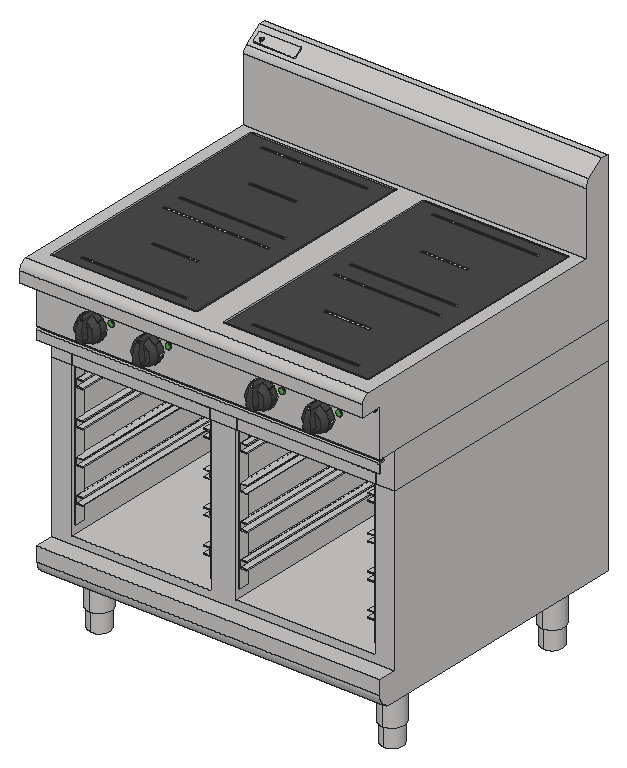
Revit family "QF_Moffat_IN8400R5-CB_Induction Cooktop_cat", category Specialty Equipment, Revit 2019 (continued)
Definition of nested family "QF_LOGO_Waldorf"
  Reference planes
    plane 6 "TOP": z = 26.711
    plane 7 "Center Y": x = 69
    plane 8 "Center X": y = -1.587
  Forms (mm)
    Extrusion 1, solid
      sketch origin (0, 0, 0) x (1, 0, 0) y (0, 0.809017, 0.587785)
        loop
          line (109, 3.464) -> (109, 23.247)
          spline (109, 23.247) -> (108.966, 23.699) -> (108.864, 24.143) -> (108.696, 24.572) -> (108.464, 24.979) -> (108.173, 25.355) -> (107.828, 25.696) -> (107.435, 25.995) -> (107, 26.247) -> (106.531, 26.447) -> (106.035, 26.593) -> (105.522, 26.681) -> (105, 26.711)
          line (105, 26.711) -> (4, 26.711)
          spline (4, 26.711) -> (3.478, 26.681) -> (2.965, 26.593) -> (2.469, 26.447) -> (2, 26.247) -> (1.565, 25.995) -> (1.172, 25.696) -> (0.827, 25.355) -> (0.536, 24.979) -> (0.304, 24.572) -> (0.136, 24.143) -> (0.034, 23.699) -> (0, 23.247)
          line (0, 23.247) -> (0, 3.464)
          spline (0, 3.464) -> (0.034, 3.012) -> (0.136, 2.568) -> (0.304, 2.138) -> (0.536, 1.732) -> (0.827, 1.355) -> (1.172, 1.015) -> (1.565, 0.716) -> (2, 0.464) -> (2.469, 0.264) -> (2.965, 0.118) -> (3.478, 0.03) -> (4, 0)
          line (4, 0) -> (105, 0)
          spline (105, 0) -> (105.522, 0.03) -> (106.035, 0.118) -> (106.531, 0.264) -> (107, 0.464) -> (107.435, 0.716) -> (107.828, 1.015) -> (108.173, 1.355) -> (108.464, 1.732) -> (108.696, 2.138) -> (108.864, 2.568) -> (108.966, 3.012) -> (109, 3.464)
        loop
          line (14.75, 7.005) -> (14.75, 15.654)
          arc (14.75, 15.654) -> (10.425, 11.329) -> (14.75, 7.005) r 4.325
        loop
          line (15.25, 15.654) -> (15.25, 7.005)
          arc (15.25, 7.005) -> (19.575, 11.329) -> (15.25, 15.654) r 4.325
      from 0 to 3.2
    Extrusion 2, solid
      sketch origin (0, 0, 0) x (1, 0, 0) y (0, 0.809017, 0.587785)
        loop
          line (15.25, 15.654) -> (15.25, 7.005)
          arc (15.25, 7.005) -> (19.575, 11.329) -> (15.25, 15.654) r 4.325
      from 0 to 3.2
    Extrusion 3, solid
      sketch origin (16.271, 0, 0) x (-1, 0, 0) y (0, -0.809017, -0.587785)
        loop
          arc (1.521, -15.654) -> (5.846, -11.329) -> (1.521, -7.005) r 4.325
          line (1.521, -7.005) -> (1.521, -15.654)
      from 0 to 3.2
  Lines and regions (mm)
    Split face 1
      outline origin (0, -1.881, 2.589) x (1, 0, 0) y (0, 0.809017, 0.587785)
        loop
          spline (22.129, 16.975) -> (22.389, 15.984) -> (22.649, 15.002) -> (22.91, 14.028) -> (23.172, 13.065) -> (23.433, 12.11) -> (23.695, 11.166) -> (23.956, 10.232) -> (24.218, 9.308) -> (24.479, 8.396) -> (24.74, 7.495) -> (25, 6.605) -> (25.26, 5.728)
          line (25.26, 5.728) -> (29.463, 5.728)
          spline (29.463, 5.728) -> (29.582, 6.252) -> (29.701, 6.78) -> (29.82, 7.313) -> (29.939, 7.85) -> (30.058, 8.391) -> (30.178, 8.936) -> (30.297, 9.485) -> (30.416, 10.038) -> (30.536, 10.594) -> (30.655, 11.155) -> (30.775, 11.719) -> (30.894, 12.287)
          spline (30.894, 12.287) -> (31.018, 11.719) -> (31.142, 11.155) -> (31.266, 10.594) -> (31.39, 10.038) -> (31.514, 9.485) -> (31.638, 8.936) -> (31.762, 8.391) -> (31.885, 7.85) -> (32.009, 7.313) -> (32.133, 6.78) -> (32.256, 6.252) -> (32.379, 5.728)
          line (32.379, 5.728) -> (36.51, 5.728)
          spline (36.51, 5.728) -> (36.766, 6.605) -> (37.023, 7.495) -> (37.28, 8.396) -> (37.538, 9.308) -> (37.795, 10.232) -> (38.053, 11.166) -> (38.311, 12.11) -> (38.569, 13.065) -> (38.826, 14.028) -> (39.083, 15.002) -> (39.34, 15.984) -> (39.597, 16.975)
          line (39.597, 16.975) -> (35.637, 16.975)
          spline (35.637, 16.975) -> (35.523, 16.334) -> (35.41, 15.697) -> (35.296, 15.063) -> (35.182, 14.433) -> (35.068, 13.807) -> (34.954, 13.185) -> (34.84, 12.566) -> (34.726, 11.952) -> (34.612, 11.342) -> (34.497, 10.737) -> (34.383, 10.135) -> (34.269, 9.538)
          spline (34.269, 9.538) -> (34.138, 10.135) -> (34.008, 10.737) -> (33.877, 11.342) -> (33.746, 11.952) -> (33.616, 12.566) -> (33.485, 13.185) -> (33.354, 13.807) -> (33.224, 14.433) -> (33.093, 15.063) -> (32.963, 15.697) -> (32.833, 16.334) -> (32.703, 16.975)
          line (32.703, 16.975) -> (29.247, 16.975)
          spline (29.247, 16.975) -> (29.111, 16.334) -> (28.974, 15.697) -> (28.837, 15.063) -> (28.7, 14.433) -> (28.562, 13.807) -> (28.425, 13.185) -> (28.288, 12.566) -> (28.15, 11.952) -> (28.013, 11.342) -> (27.875, 10.737) -> (27.738, 10.135) -> (27.6, 9.538)
          spline (27.6, 9.538) -> (27.483, 10.135) -> (27.366, 10.737) -> (27.249, 11.342) -> (27.132, 11.952) -> (27.015, 12.566) -> (26.897, 13.185) -> (26.78, 13.807) -> (26.663, 14.433) -> (26.546, 15.063) -> (26.43, 15.697) -> (26.313, 16.334) -> (26.196, 16.975)
          line (26.196, 16.975) -> (22.129, 16.975)
    Split face 2
      outline origin (0, -1.881, 2.589) x (1, 0, 0) y (0, 0.809017, 0.587785)
        loop
          line (51.449, 5.728) -> (51.035, 6.606) -> (51.035, 11.169)
          spline (51.035, 11.169) -> (50.686, 12.42) -> (50.176, 13.224) -> (49.51, 13.708) -> (48.693, 13.995) -> (47.747, 14.152) -> (46.698, 14.207) -> (45.579, 14.186) -> (44.419, 14.114) -> (43.279, 13.929) -> (42.249, 13.481) -> (41.424, 12.614) -> (40.897, 11.169)
          line (40.897, 11.169) -> (44.617, 11.169) -> (44.988, 11.965)
          spline (44.988, 11.965) -> (47.294, 11.682) -> (46.856, 10.932) -> (45.527, 10.609) -> (43.858, 10.439) -> (42.259, 10.123) -> (41.078, 9.417) -> (40.563, 8.246) -> (40.689, 6.989) -> (41.407, 6.052) -> (42.774, 5.536) -> (44.847, 5.497) -> (47.306, 6.602)
          line (47.306, 6.602) -> (47.624, 5.728) -> (51.449, 5.728)
    Split face 3
      outline origin (0, -1.881, 2.589) x (1, 0, 0) y (0, 0.809017, 0.587785)
        loop
          line (47.264, 9.264) -> (44.938, 8.597)
          spline (44.938, 8.597) -> (44.508, 8.228) -> (44.402, 7.9) -> (44.548, 7.626) -> (44.877, 7.42) -> (45.317, 7.295) -> (45.797, 7.265) -> (46.252, 7.342) -> (46.65, 7.525) -> (46.971, 7.813) -> (47.194, 8.201) -> (47.298, 8.685) -> (47.264, 9.264)
    Split face 4
      outline origin (0, -1.881, 2.589) x (1, 0, 0) y (0, 0.809017, 0.587785)
        loop
          line (53.33, 16.975) -> (53.33, 5.728) -> (57.173, 5.728) -> (57.173, 16.975) -> (53.33, 16.975)
    Split face 5
      outline origin (0, -1.881, 2.589) x (1, 0, 0) y (0, 0.809017, 0.587785)
        loop
          line (65.795, 16.975) -> (65.795, 12.976)
          spline (65.795, 12.976) -> (63.839, 14.082) -> (62.087, 14.096) -> (60.633, 13.343) -> (59.574, 12.148) -> (58.99, 10.806) -> (58.867, 9.452) -> (59.156, 8.159) -> (59.81, 7) -> (60.786, 6.056) -> (62.111, 5.514) -> (63.868, 5.634) -> (66.137, 6.679)
          line (66.137, 6.679) -> (66.137, 5.728) -> (69.511, 5.728) -> (69.511, 16.975) -> (65.795, 16.975)
    Split face 6
      outline origin (0, -1.881, 2.589) x (1, 0, 0) y (0, 0.809017, 0.587785)
        loop
          spline (64.273, 7.499) -> (64.754, 7.57) -> (65.202, 7.777) -> (65.587, 8.106) -> (65.882, 8.535) -> (66.067, 9.034) -> (66.131, 9.57) -> (66.067, 10.106) -> (65.882, 10.605) -> (65.587, 11.034) -> (65.202, 11.363) -> (64.754, 11.57) -> (64.273, 11.64)
          spline (64.273, 11.64) -> (63.793, 11.57) -> (63.345, 11.363) -> (62.96, 11.034) -> (62.665, 10.605) -> (62.479, 10.106) -> (62.416, 9.57) -> (62.479, 9.034) -> (62.665, 8.535) -> (62.96, 8.106) -> (63.345, 7.777) -> (63.793, 7.57) -> (64.273, 7.499)
    Split face 7
      outline origin (0, -1.881, 2.589) x (1, 0, 0) y (0, 0.809017, 0.587785)
        loop
          spline (76.449, 5.305) -> (77.855, 5.457) -> (79.166, 5.901) -> (80.291, 6.607) -> (81.155, 7.527) -> (81.698, 8.599) -> (81.883, 9.749) -> (81.698, 10.899) -> (81.155, 11.97) -> (80.291, 12.891) -> (79.166, 13.597) -> (77.855, 14.041) -> (76.449, 14.192)
          spline (76.449, 14.192) -> (75.042, 14.041) -> (73.731, 13.597) -> (72.606, 12.891) -> (71.742, 11.97) -> (71.199, 10.899) -> (71.014, 9.749) -> (71.199, 8.599) -> (71.742, 7.527) -> (72.606, 6.607) -> (73.731, 5.901) -> (75.042, 5.457) -> (76.449, 5.305)
    Split face 8
      outline origin (0, -1.881, 2.589) x (1, 0, 0) y (0, 0.809017, 0.587785)
        loop
          spline (76.449, 7.654) -> (76.841, 7.725) -> (77.206, 7.934) -> (77.52, 8.267) -> (77.76, 8.701) -> (77.912, 9.206) -> (77.963, 9.749) -> (77.912, 10.291) -> (77.76, 10.796) -> (77.52, 11.23) -> (77.206, 11.563) -> (76.841, 11.772) -> (76.449, 11.843)
          spline (76.449, 11.843) -> (76.057, 11.772) -> (75.691, 11.563) -> (75.378, 11.23) -> (75.137, 10.796) -> (74.986, 10.291) -> (74.934, 9.749) -> (74.986, 9.206) -> (75.137, 8.701) -> (75.378, 8.267) -> (75.691, 7.934) -> (76.057, 7.725) -> (76.449, 7.654)
    Split face 9
      outline origin (0, -1.881, 2.589) x (1, 0, 0) y (0, 0.809017, 0.587785)
        loop
          line (86.998, 12.335) -> (86.998, 13.879) -> (83.479, 13.879) -> (83.479, 5.728) -> (87.312, 5.728) -> (87.312, 8.975)
          spline (87.312, 8.975) -> (87.364, 9.356) -> (87.458, 9.686) -> (87.594, 9.968) -> (87.769, 10.204) -> (87.982, 10.398) -> (88.229, 10.55) -> (88.509, 10.666) -> (88.82, 10.746) -> (89.16, 10.794) -> (89.525, 10.812) -> (89.915, 10.803) -> (90.327, 10.77)
          line (90.327, 10.77) -> (90.327, 14.113)
          spline (90.327, 14.113) -> (89.929, 14.127) -> (89.552, 14.111) -> (89.197, 14.066) -> (88.865, 13.991) -> (88.554, 13.887) -> (88.266, 13.754) -> (87.999, 13.591) -> (87.755, 13.399) -> (87.532, 13.177) -> (87.332, 12.926) -> (87.154, 12.645) -> (86.998, 12.335)
    Split face 10
      outline origin (0, -1.881, 2.589) x (1, 0, 0) y (0, 0.809017, 0.587785)
        loop
          line (92.082, 13.879) -> (90.894, 13.879) -> (90.894, 11.972) -> (92.082, 11.972) -> (92.082, 5.728) -> (95.871, 5.728) -> (95.871, 11.972) -> (97.5, 11.972) -> (97.5, 13.879) -> (95.871, 13.879)
          spline (95.871, 13.879) -> (95.843, 14.088) -> (95.845, 14.278) -> (95.877, 14.447) -> (95.939, 14.596) -> (96.03, 14.726) -> (96.151, 14.835) -> (96.301, 14.925) -> (96.482, 14.995) -> (96.692, 15.045) -> (96.931, 15.075) -> (97.201, 15.085) -> (97.5, 15.076)
          line (97.5, 15.076) -> (97.5, 17.266) -> (95.367, 17.266)
          spline (95.367, 17.266) -> (94.982, 17.253) -> (94.58, 17.21) -> (94.174, 17.132) -> (93.774, 17.013) -> (93.39, 16.846) -> (93.034, 16.627) -> (92.717, 16.349) -> (92.448, 16.007) -> (92.24, 15.595) -> (92.102, 15.106) -> (92.046, 14.537) -> (92.082, 13.879)
  Dimensions and locks
    equal spacing: plane 3 "LEFT", plane 7 "Center Y", plane 4 "RIGHT"
    "Length": plane 3 "LEFT" to plane 4 "RIGHT"
    equal spacing: plane 5 "FRONT", plane 8 "Center X", plane 1 "BACK"
    "Depth": plane 5 "FRONT" to plane 1 "BACK"
    "Height": plane 6 "TOP" to level
    plane 4 "RIGHT" to plane 3 "LEFT" = 138 mm
    aligned and locked: level to plane 2
  Automatic sketch dimensions
    Extrusion 1 sketch curve to plane 3 "LEFT" = 0 mm
    plane 3 "LEFT" to Extrusion 1 sketch curve = 4 mm  (x2)
    Extrusion 1 sketch curve to Extrusion 1 sketch curve = 10.75 mm
    Extrusion 1 sketch curve to Extrusion 1 sketch curve = 0.5 mm
    plane 4 "RIGHT" to Extrusion 1 sketch curve = 33 mm
    Extrusion 1 sketch curve to Extrusion 1 sketch curve = 0 mm  (x3)
    Extrusion 1 sketch curve to Extrusion 1 sketch curve = 4 mm
    Extrusion 1 sketch curve to Extrusion 1 sketch curve = 3.464 mm  (x3)
    Extrusion 1 sketch curve to Extrusion 1 sketch curve = 3.541 mm
    Extrusion 1 sketch curve to Extrusion 1 sketch curve = 4.325 mm
    Extrusion 1 sketch curve to Extrusion 1 sketch curve = 19.783 mm
    Extrusion 1 sketch curve to Extrusion 1 sketch curve = 7.592 mm
    plane 3 "LEFT" to Extrusion 2 sketch curve = 15.25 mm
    Extrusion 2 sketch curve to Extrusion 2 sketch curve = 4.325 mm
    plane 3 "LEFT" to Extrusion 3 sketch curve = 14.75 mm
    Extrusion 3 sketch curve to Extrusion 3 sketch curve = 4.325 mm
    Extrusion 1 to Split face 1 sketch curve = 6.879 mm
    Split face 1 sketch curve to Extrusion 1 = 5.728 mm
    Split face 1 sketch curve to Split face 1 sketch curve = 3.132 mm
    Split face 1 sketch curve to Split face 1 sketch curve = 4.068 mm
    Split face 1 sketch curve to Split face 1 sketch curve = 3.051 mm
    Split face 1 sketch curve to Split face 1 sketch curve = 4.203 mm
    Split face 1 sketch curve to Split face 1 sketch curve = 2.916 mm
    Split face 1 sketch curve to Split face 1 sketch curve = 3.456 mm
    Split face 1 sketch curve to Split face 1 sketch curve = 2.934 mm
    Split face 1 sketch curve to Split face 1 sketch curve = 4.131 mm
    Split face 1 sketch curve to Split face 1 sketch curve = 3.96 mm
    Split face 1 sketch curve to Split face 1 sketch curve = 0 mm  (x2)
    Split face 1 sketch curve to Extrusion 1 = 9.736 mm  (x2)
    Extrusion 1 to Split face 1 sketch curve = 6.337 mm
    Extrusion 1 to Split face 1 sketch curve = 6.231 mm
    Extrusion 1 to Split face 1 sketch curve = 3.184 mm
    Extrusion 1 to Split face 1 sketch curve = 13.135 mm
    Split face 1 sketch curve to Split face 1 sketch curve = 4.652 mm
    Split face 1 sketch curve to Split face 1 sketch curve = 3.593 mm
    Split face 1 sketch curve to Split face 1 sketch curve = 1.863 mm
    Split face 1 sketch curve to Split face 1 sketch curve = 0.713 mm
    Split face 1 sketch curve to Split face 1 sketch curve = 2.684 mm
    Split face 1 sketch curve to Split face 1 sketch curve = 3.294 mm
    Split face 1 sketch curve to Split face 1 sketch curve = 0.459 mm
    Split face 1 sketch curve to Split face 1 sketch curve = 2.775 mm
    Split face 1 sketch curve to Split face 1 sketch curve = 1.89 mm
    Split face 1 sketch curve to Split face 1 sketch curve = 0.685 mm
    Split face 1 sketch curve to Split face 1 sketch curve = 9.486 mm
    Split face 1 sketch curve to Split face 1 sketch curve = 16.213 mm
    Split face 1 sketch curve to Split face 1 sketch curve = 3.48 mm
    Split face 1 sketch curve to Split face 1 sketch curve = 4.918 mm
    Split face 1 sketch curve to Split face 1 sketch curve = 7.609 mm
    Split face 1 sketch curve to Split face 1 sketch curve = 0.01 mm  (x2)
    Split face 1 sketch curve to Split face 1 sketch curve = 0.002 mm
    Split face 2 sketch curve to Extrusion 1 = 11.169 mm
    Extrusion 1 to Split face 2 sketch curve = 25.647 mm
    Split face 2 sketch curve to Split face 2 sketch curve = 3.72 mm
    Split face 2 sketch curve to Extrusion 1 = 11.965 mm
    Split face 2 sketch curve to Split face 2 sketch curve = 0.371 mm
    Split face 2 sketch curve to Extrusion 1 = 6.602 mm
    Split face 2 sketch curve to Split face 2 sketch curve = 2.689 mm
    Split face 2 sketch curve to Split face 2 sketch curve = 0.318 mm
    Split face 2 sketch curve to Split face 2 sketch curve = 3.729 mm
    Split face 2 sketch curve to Split face 2 sketch curve = 0.414 mm
    Split face 2 sketch curve to Split face 2 sketch curve = 0.875 mm
    Split face 2 sketch curve to Split face 2 sketch curve = 0.878 mm
    Split face 3 sketch curve to Extrusion 1 = 8.597 mm
    Extrusion 1 to Split face 3 sketch curve = 29.688 mm
    Split face 3 sketch curve to Extrusion 1 = 9.264 mm
    Split face 3 sketch curve to Split face 3 sketch curve = 2.326 mm
    Split face 4 sketch curve to Extrusion 1 = 5.728 mm
    Extrusion 1 to Split face 4 sketch curve = 38.08 mm
    Split face 4 sketch curve to Split face 4 sketch curve = 3.843 mm
    Split face 4 sketch curve to Extrusion 1 = 9.736 mm
    Split face 5 sketch curve to Extrusion 1 = 9.736 mm
    Split face 5 sketch curve to Extrusion 1 = 43.205 mm
    Split face 5 sketch curve to Extrusion 1 = 6.679 mm
    Split face 5 sketch curve to Split face 5 sketch curve = 0.342 mm
    Split face 5 sketch curve to Split face 5 sketch curve = 3.375 mm
    Split face 5 sketch curve to Split face 5 sketch curve = 0.952 mm
    Split face 5 sketch curve to Split face 5 sketch curve = 3.998 mm
    Split face 6 sketch curve to Extrusion 1 = 7.499 mm
    Split face 6 sketch curve to Extrusion 1 = 44.727 mm
    Split face 6 sketch curve to Split face 6 sketch curve = 2.07 mm
    Split face 7 sketch curve to Extrusion 1 = 5.305 mm
    Split face 7 sketch curve to Extrusion 1 = 32.551 mm
    Split face 7 sketch curve to Split face 7 sketch curve = 4.443 mm
    Split face 8 sketch curve to Extrusion 1 = 7.654 mm
    Split face 8 sketch curve to Extrusion 1 = 32.551 mm
    Split face 8 sketch curve to Split face 8 sketch curve = 2.095 mm
    Split face 9 sketch curve to Extrusion 1 = 5.728 mm
    Split face 9 sketch curve to Extrusion 1 = 25.521 mm
    Split face 9 sketch curve to Split face 9 sketch curve = 3.519 mm
    Split face 9 sketch curve to Split face 9 sketch curve = 0.315 mm
    Split face 9 sketch curve to Split face 9 sketch curve = 3.33 mm
    Split face 9 sketch curve to Split face 9 sketch curve = 3.248 mm
    Split face 9 sketch curve to Split face 9 sketch curve = 1.795 mm
    Split face 9 sketch curve to Split face 9 sketch curve = 3.36 mm
    Split face 9 sketch curve to Split face 9 sketch curve = 1.545 mm
    Split face 9 sketch curve to Split face 9 sketch curve = 0.233 mm
    Split face 10 sketch curve to Extrusion 1 = 18.106 mm
    Split face 10 sketch curve to Split face 10 sketch curve = 1.188 mm  (x2)
    Split face 10 sketch curve to Split face 10 sketch curve = 3.285 mm
    Split face 10 sketch curve to Split face 10 sketch curve = 3.789 mm
    Split face 10 sketch curve to Split face 10 sketch curve = 0 mm  (x2)
    Split face 10 sketch curve to Split face 10 sketch curve = 1.629 mm
    Split face 10 sketch curve to Split face 10 sketch curve = 2.133 mm
    Split face 10 sketch curve to Extrusion 1 = 5.728 mm
    Split face 10 sketch curve to Split face 10 sketch curve = 6.245 mm
    Split face 10 sketch curve to Split face 10 sketch curve = 1.907 mm  (x2)
    Split face 10 sketch curve to Split face 10 sketch curve = 1.197 mm
    Split face 10 sketch curve to Split face 10 sketch curve = 2.19 mm
Definition of nested family "Knob"
  Parameters (values of type "Knob")
    Weight in Pounds = 0
    URL Cutsheet = ""
    Specification by User = ""
    Specification by Manufacturer = ""
    Serial Number = ""
    Seismic Rating = ""
    SMACNA No = ""
    Revision Code = ""
    NAFEM Spec ID Number = ""
    Masterspec = ""
    Length = 65 mm
    Item Number = ""
    Installed By = ""
    Identify Quantity as Lot = yes
    Height = 69.5 mm
    Furnished By = ""
    Foodservice Equipment Identifier = yes
    Depth = 59 mm
    CSI MasterFormat = ""
  Reference planes
    plane 1 "BACK": y = 0
    plane 2: z = 0
    plane 3 "LEFT": x = 0
    plane 4 "RIGHT": x = 65
    plane 5 "FRONT": y = -59
    plane 6 "TOP": z = 69.5
    plane 7 "Center Y": x = 32.5
    plane 8 "Center X": y = -29.5
  Forms (mm)
    Revolve 1, solid
      sketch origin (32.5, 175.397, 1219.2) x (0, 1, 0) y (0, 0, 1)
        loop
          line (-175.397, -1186.7) -> (-219.397, -1186.7) -> (-219.397, -1211.501) -> (-202.106, -1219.2) -> (-185.397, -1219.2) -> (-185.397, -1191.7) -> (-175.397, -1191.7) -> (-175.397, -1186.7)
        axis (-219.397, -1186.7) -> (-175.397, -1186.7)
      angle from 0 to 360
    Extrusion 2, solid
      sketch origin (32.5, 175.397, 1219.2) x (0, 1, 0) y (0, 0, 1)
        loop
          line (-202.106, -1154.2) -> (-185.397, -1154.2) -> (-185.397, -1149.7) -> (-224.105, -1149.7)
          arc (-224.105, -1149.7) -> (-233.965, -1178.467) -> (-230.696, -1208.7) r 70
          line (-230.696, -1208.7) -> (-219.397, -1208.7) -> (-219.397, -1161.899) -> (-202.106, -1154.2)
      from -15 to 15
    Extrusion 3, void
      sketch origin (0, 0, 0) x (1, 0, 0) y (0, 0, 1)
        loop
          line (27.501, 64.613) -> (22.02, 20.585)
          arc (22.02, 20.585) -> (32.792, 10.488) -> (42.986, 21.169) r 10.487
          line (42.986, 21.169) -> (37.499, 64.613)
          arc (37.499, 64.613) -> (32.5, 69.5) -> (27.501, 64.613) r 5
        loop
          line (10, 72.977) -> (10, 5.625) -> (55, 5.625) -> (55, 72.977) -> (10, 72.977)
      from 6.142 to 69.687
    Extrusion 4, solid
      sketch origin (0, -34.115, -16.916) x (1, 0, 0) y (0, 0.45399, 0.891007)
        loop
          circle (32.497, 65) r 2
      from 51.525 to 53.075
    Extrusion 5, solid
      sketch origin (32.5, -10, 32.5) x (0, 0, -1) y (-1, 0, 0)
        loop
          line (-23.54, -22.408) -> (-24.106, -22.974)
          arc (-24.106, -22.974) -> (-23.547, -23.547) -> (-22.974, -24.106) r 33.3
          line (-22.974, -24.106) -> (-22.408, -23.54)
          arc (-22.408, -23.54) -> (-22.981, -22.981) -> (-23.54, -22.408) r 32.5
        loop
          arc (-0.8, -33.29) -> (0, -33.3) -> (0.8, -33.29) r 33.3
          line (0.8, -33.29) -> (0.8, -32.49)
          arc (0.8, -32.49) -> (0, -32.5) -> (-0.8, -32.49) r 32.5
          line (-0.8, -32.49) -> (-0.8, -33.29)
        loop
          arc (23.54, -22.408) -> (22.981, -22.981) -> (22.408, -23.54) r 32.5
          line (22.408, -23.54) -> (22.974, -24.106)
          arc (22.974, -24.106) -> (23.547, -23.547) -> (24.106, -22.974) r 33.3
          line (24.106, -22.974) -> (23.54, -22.408)
        loop
          arc (-23.54, 22.408) -> (-22.981, 22.981) -> (-22.408, 23.54) r 32.5
          line (-22.408, 23.54) -> (-22.974, 24.106)
          arc (-22.974, 24.106) -> (-23.547, 23.547) -> (-24.106, 22.974) r 33.3
          line (-24.106, 22.974) -> (-23.54, 22.408)
        loop
          line (-0.8, 33.29) -> (-0.8, 32.49)
          arc (-0.8, 32.49) -> (0, 32.5) -> (0.8, 32.49) r 32.5
          line (0.8, 32.49) -> (0.8, 33.29)
          arc (0.8, 33.29) -> (0, 33.3) -> (-0.8, 33.29) r 33.3
        loop
          line (32.49, -0.8) -> (33.29, -0.8)
          arc (33.29, -0.8) -> (33.3, 0) -> (33.29, 0.8) r 33.3
          line (33.29, 0.8) -> (32.49, 0.8)
          arc (32.49, 0.8) -> (32.5, 0) -> (32.49, -0.8) r 32.5
        loop
          arc (24.106, 22.974) -> (23.547, 23.547) -> (22.974, 24.106) r 33.3
          line (22.974, 24.106) -> (22.408, 23.54)
          arc (22.408, 23.54) -> (22.981, 22.981) -> (23.54, 22.408) r 32.5
          line (23.54, 22.408) -> (24.106, 22.974)
      from 0 to -16.709
  Cuts and joins
    Extrusion 3 cuts Extrusion 2
  Dimensions and locks
    equal spacing: plane 3 "LEFT", plane 7 "Center Y", plane 4 "RIGHT"
    "Length": plane 3 "LEFT" to plane 4 "RIGHT"
    equal spacing: plane 5 "FRONT", plane 8 "Center X", plane 1 "BACK"
    "Depth": plane 5 "FRONT" to plane 1 "BACK"
    "Height": plane 6 "TOP" to level
    plane 4 "RIGHT" to plane 3 "LEFT" = 65 mm
    aligned and locked: level to plane 2
  Automatic sketch dimensions
    Revolve 1 sketch curve to level = 0 mm
    Revolve 1 sketch curve to plane 1 "BACK" = 0 mm  (x2)
    plane 1 "BACK" to Revolve 1 sketch curve = 10 mm
    plane 8 "Center X" to Revolve 1 sketch curve = 2.791 mm
    Revolve 1 sketch curve to plane 8 "Center X" = 14.5 mm
    level to Revolve 1 sketch curve = 7.699 mm
    level to Revolve 1 sketch curve = 27.5 mm
    Revolve 1 sketch curve to Revolve 1 sketch curve = 5 mm
    Revolve 1 sketch curve to Revolve 1 sketch curve = 35 mm
    Revolve 1 sketch curve to Revolve 1 sketch curve = 0 mm
    Extrusion 2 sketch curve to plane 6 "TOP" = 0 mm
    Extrusion 2 sketch curve to plane 5 "FRONT" = 3.702 mm
    Extrusion 2 sketch curve to plane 5 "FRONT" = 10.293 mm
    Extrusion 2 sketch curve to Extrusion 2 sketch curve = 11.298 mm
    plane 8 "Center X" to Extrusion 2 sketch curve = 2.791 mm
    plane 1 "BACK" to Extrusion 2 sketch curve = 10 mm
    Extrusion 2 sketch curve to plane 1 "BACK" = 11 mm
    Extrusion 2 sketch curve to plane 6 "TOP" = 4.5 mm
    Extrusion 2 sketch curve to plane 6 "TOP" = 12.199 mm
    level to Extrusion 2 sketch curve = 32.962 mm
    level to Extrusion 3 sketch curve = 5.625 mm
    Extrusion 3 sketch curve to plane 7 "Center Y" = 0 mm  (x2)
    Extrusion 3 sketch curve to plane 7 "Center Y" = 4.999 mm
    Extrusion 3 sketch curve to plane 7 "Center Y" = 10.48 mm
    plane 6 "TOP" to Extrusion 3 sketch curve = 3.477 mm
    plane 3 "LEFT" to Extrusion 3 sketch curve = 10 mm
    Extrusion 3 sketch curve to plane 6 "TOP" = 4.887 mm
    Extrusion 3 sketch curve to Extrusion 3 sketch curve = 4.999 mm
    plane 7 "Center Y" to Extrusion 3 sketch curve = 10.486 mm
    level to Extrusion 3 sketch curve = 20.585 mm
    Extrusion 3 sketch curve to Extrusion 3 sketch curve = 0.387 mm
    Extrusion 3 sketch curve to Extrusion 3 sketch curve = 0.113 mm
    plane 4 "RIGHT" to Extrusion 3 sketch curve = 10 mm
    Extrusion 5 sketch curve to Revolve 1 = 32.49 mm
    Revolve 1 to Extrusion 5 sketch curve = 32.49 mm
    Extrusion 5 sketch curve to Revolve 1 = 23.54 mm  (x2)
    Revolve 1 to Extrusion 5 sketch curve = 23.54 mm  (x2)
    Extrusion 5 sketch curve to Revolve 1 = 24.106 mm  (x2)
    Revolve 1 to Extrusion 5 sketch curve = 24.106 mm  (x2)
    Revolve 1 to Extrusion 5 sketch curve = 22.408 mm  (x2)
    Extrusion 5 sketch curve to Revolve 1 = 22.408 mm  (x2)
    Revolve 1 to Extrusion 5 sketch curve = 22.974 mm  (x2)
    Extrusion 5 sketch curve to Revolve 1 = 22.974 mm  (x2)
    Extrusion 5 sketch curve to Extrusion 5 sketch curve = 1.6 mm  (x2)
    Revolve 1 to Extrusion 5 sketch curve = 0.8 mm
    Extrusion 5 sketch curve to Revolve 1 = 0.8 mm
    Extrusion 4 sketch curve to plane 7 "Center Y" = 0.003 mm
    radius of Extrusion 5 sketch curve to Revolve 1 = 0 mm  (x7)
    radius of Revolve 1 to Extrusion 5 sketch curve = 0.8 mm  (x7)
    radius of Extrusion 4 sketch curve = 2 mm
Types (2, lengths in mm): name | Volts | Model | Cycle | Apparent Power
  INB8400R5-CB_415/60/3 | 415 V | "IN8400R5-CB" | 60 Hz | 20102.6 VA
  INB8400R5-CB_400/50/3 | 400 V | "INB8400R5-CB" | 50 Hz | 19376 VA
